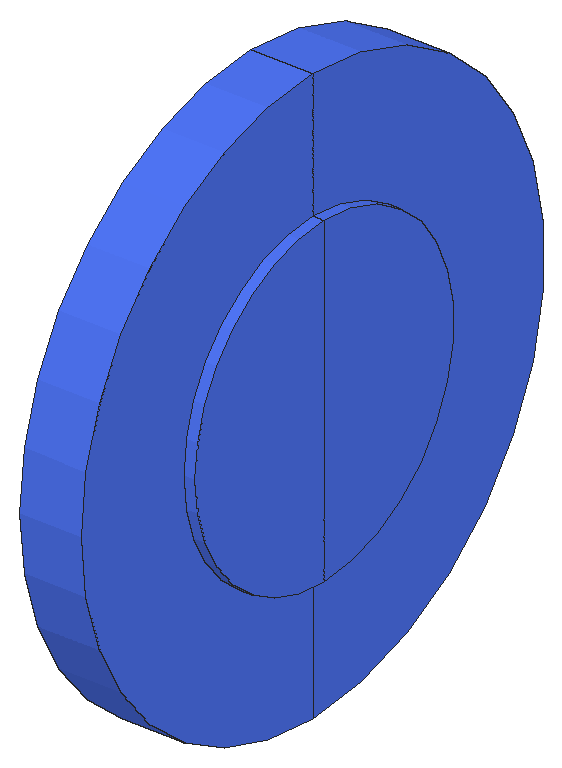
Revit family "712-3810-001-DN40-1200", category Pipe Accessories, Revit 2019
Family settings
  Round Connector Dimension = Use Diameter
  Part Type = Valve - Breaks Into
  Work Plane-Based = No
  Always vertical = Yes
  Cut with Voids When Loaded = No
  Shared = No
Parameters (values of type "DN0040_PN10/16")
  Search_Table = "712-3810-001-DN40-1200"
  Rib = [ID(Radius)] / 2  # 10 mm
  Rf_Dia = size_lookup(Search_Table, "Rf_Dia", 0 mm, [Nominal Diameter (DN)]) / 2  # 42 mm
  RF_Thick = size_lookup(Search_Table, "Rf_Thickness", 0 mm, [Nominal Diameter (DN)])  # 3 mm
  ID(Radius) = [Nominal Diameter (DN)] / 2  # 20 mm
  L = size_lookup(Search_Table, "Flange_thickness", 0 mm, [Nominal Diameter (DN)])  # 19 mm
  Nominal Diameter (DN) = 40 mm
  D = size_lookup(Search_Table, "FOD", 0 mm, [Nominal Diameter (DN)]) / 2  # 75 mm
  URL product pages = "https://www.avkvalves.com/P.aspx?no=712004038101"
  Description_ = "AVK BLIND FLANGE"
  DN600_PN16 = "712-0600-38-101"
  DN600_PN10 = "712-0600-38-100"
  DN500_PN16 = "712-0500-38-101"
  DN500_PN10 = "712-0500-38-100"
  DN450_PN16 = "712-0450-38-101"
  DN450_PN10 = "712-0450-38-100"
  DN400_PN16 = "712-0400-38-101"
  DN400_PN10 = "712-0400-38-100"
  DN350_PN16 = "712-0350-38-101"
  DN350_PN10 = "712-0350-38-100"
  DN300_PN16 = "712-0300-38-101"
  DN300_PN10 = "712-0250-38-101"
  DN250_PN16 = "712-0250-38-101"
  DN250_PN10 = "712-0250-38-100"
  DN200_PN16 = "712-0200-38-101"
  DN200_PN10 = "712-0200-38-100"
  DN150_PN10/16 = "712-0150-38-101"
  DN125_PN10/16 = "712-0125-38-101"
  DN1200_PN10 = "712-1200-38-100"
  DN100_PN10/16 = "712-0100-38-101"
  DN080_PN10/16 = "712-0080-38-101"
  DN065_PN10/16 = "712-0065-38-101"
  DN060_PN10/16 = "712-0060-38-103"
  DN060_ PN10/16 = "712-0060-38-101"
  DN060/065_PN10/16 = "712-0070-38-101"
  DN050_PN10/16 = "712-0050-38-101"
  DN040_PN10/16 = "712-0040-38-101"
  Body_wallthickness = 10 mm  # constant formula
Types (28, lengths in mm): name | Rib | Rf_Dia | RF_Thick | ID(Radius) | L | Nominal Diameter (DN) | D
  (no name) | 10 | 42 | 3 | 20 | 19 | 40 | 75
  DN0300_PN16 | 75.025 | 185 | 4 | 150.05 | 25 | 300.1 | 227.5
  DN0350_PN10 | 87.5 | 214.5 | 4 | 175 | 25 | 350 | 252.5
  DN0350_PN16 | 87.525 | 214.5 | 4 | 175.05 | 27 | 350.1 | 260
  DN0400_PN10 | 100 | 240 | 4 | 200 | 25 | 400 | 282.5
  DN0400_PN16 | 100.025 | 240 | 4 | 200.05 | 28 | 400.1 | 290
  DN0450_PN10 | 112.5 | 265 | 4 | 225 | 26 | 450 | 307.5
  DN0450_PN16 | 112.525 | 274 | 4 | 225.05 | 30 | 450.1 | 320
  DN0500_PN10 | 125 | 291 | 4 | 250 | 27 | 500 | 335
  DN0500_PN16 | 125.025 | 304.5 | 4 | 250.05 | 32 | 500.1 | 357.5
  DN0600_PN10 | 150 | 341 | 5 | 300 | 30 | 600 | 390
  DN0600_PN16 | 150.025 | 360 | 5 | 300.05 | 36 | 600.1 | 420
  DN1200_PN10 | 300 | 664 | 5 | 600 | 45 | 1200 | 727.5
  DN0300_PN10 | 75 | 185 | 4 | 150 | 25 | 300 | 227.5
  DN0250_PN10 | 62.5 | 159.5 | 4 | 125 | 22 | 250 | 200
  DN0250_PN16 | 62.525 | 159.5 | 4 | 125.05 | 22 | 250.1 | 200
  DN0200_PN10 | 50 | 133 | 4 | 100 | 20 | 200 | 170
  DN0200_PN16 | 50.025 | 133 | 4 | 100.05 | 20 | 200.1 | 170
  DN0150_PN10/16 | 37.5 | 105.5 | 4 | 75 | 19 | 150 | 142.5
  DN0125_PN10/16 | 31.25 | 92 | 3 | 62.5 | 19 | 125 | 125
  DN0100_PN10/16 | 25 | 78 | 3 | 50 | 19 | 100 | 110
  DN0080_PN10/16 | 20 | 66 | 3 | 40 | 19 | 80 | 100
  DN0060/0065_PN10/16 | 16.275 | 59 | 3 | 32.55 | 19 | 65.1 | 92.5
  DN0065_PN10/16 | 16.25 | 59 | 3 | 32.5 | 19 | 65 | 92.5
  DN0060_PN10/16 | 15.025 | 54 | 3 | 30.05 | 19 | 60.1 | 87.5
  DN0060_ PN10/16 | 15 | 54 | 3 | 30 | 19 | 60 | 87.5
  DN0050_PN10/16 | 12.5 | 49.5 | 3 | 25 | 19 | 50 | 82.5
  DN0040_PN10/16 | 10 | 42 | 3 | 20 | 19 | 40 | 75
Reference planes
  plane 1 "Center (Front/Back)": y = 0
  plane 2: z = 0
  plane 3 "Center (Left/Right)": x = 0
  plane 4: y = -5
  plane 5: y = 5
  plane 6: z = 75
  plane 7: z = -75
Forms (mm)
  Revolve 1, solid, material "Plastic"
    sketch origin (0, 0, 0) x (1, 0, 0) y (0, 0, 1)
      loop
        line (-9.5, 75) -> (-9.5, 0) -> (9.5, 0) -> (9.5, 75) -> (-9.5, 75)
      axis (-9.5, 0) -> (9.5, 0)
    angle from 0 to 360
  Revolve 2, void
    sketch origin (0, 0, 0) x (1, 0, 0) y (0, 0, 1)
      loop
        line (9.5, 75) -> (6.5, 75) -> (6.5, 42) -> (9.5, 42) -> (9.5, 75)
      axis (6.5, 0) -> (9.5, 0)
    angle from 0 to 360
Cuts and joins
  Revolve 2 cuts Revolve 1
Dimensions and locks
  equal spacing: plane 5, plane 1 "Center (Front/Back)", plane 4
  locked: plane 5 to plane 4 at 10
  equal spacing: Revolve 1 sketch curve, plane 3 "Center (Left/Right)", Revolve 1 sketch curve
  "L": Revolve 1 sketch curve to Revolve 1 sketch curve
  "D": Revolve 1 sketch curve to level
  "D": Revolve 2 sketch curve to level
  "Rf_Dia": Revolve 2 sketch curve to level
  "RF_Thick": Revolve 2 sketch curve to Revolve 1
  cut or joined group of Revolve 1, Revolve 2 to cut or joined group of Revolve 1, Revolve 2 = 19 mm
  equal spacing: plane 6, level, plane 7
  "D": plane 6 to level
  plane 6 to plane 7 = 150 mm
  aligned and locked: level to plane 2
  aligned and locked: Revolve 2 sketch curve to Revolve 1
  aligned and locked: Revolve 2 sketch curve to plane 2
  aligned and locked: Revolve 1 sketch curve to level
Automatic sketch dimensions
  Revolve 1 sketch curve to level = 0 mm
  Revolve 1 sketch curve to plane 3 "Center (Left/Right)" = 4.5 mm
  Revolve 1 sketch curve to Revolve 1 sketch curve = 4 mm
  Revolve 2 sketch curve to plane 3 "Center (Left/Right)" = 3.5 mm
  plane 3 "Center (Left/Right)" to Revolve 2 sketch curve = 6.5 mm
Nested families
  nested 1: "LOGO - Copy - Copy - Copy - Copy" at (-9.5, 0, -20) x (0, -1, 0) z (-1, 0, 0), type "LOGO - Copy - Copy - Copy - Copy"
Connectors
  piping at (9.5, 0, 0), diameter 40, driven by "Nominal Diameter (DN)"
    settings: on Revolve 1, index 1, connector inside diameter 609.6 mm, connector length 0 mm, flow factor 0, pipe flow 0.0 L/s, pressure drop 0.0 Pa, fitting loss kfactor 0, connector angle 0.00°, fixture units 0, engagement length 0 mm, angle of deflection 0.00°, flow configuration 0, flow direction 0, fitting loss method 0, system type 7, joint type 0, gender type 0, connector reference index -1, connector utility 0, adjustable connector no, is connector primary yes, connector description ""
  piping at (-9.5, 0, 0), diameter 40, driven by "Nominal Diameter (DN)"
    settings: on Revolve 1, index 2, connector inside diameter 609.6 mm, connector length 0 mm, flow factor 0, pipe flow 0.0 L/s, pressure drop 0.0 Pa, fitting loss kfactor 0, connector angle 0.00°, fixture units 0, engagement length 0 mm, angle of deflection 0.00°, flow configuration 0, flow direction 0, fitting loss method 0, system type 7, joint type 0, gender type 0, connector reference index -1, connector utility 0, adjustable connector no, is connector primary no, connector description ""
Definition of nested family "LOGO - Copy - Copy - Copy - Copy"
  Parameters (values of type "LOGO - Copy - Copy - Copy - Copy")
    Default Elevation = 1219.2 mm
  Reference planes
    plane 1 "Center (Front/Back)": y = 0
    plane 2: z = 0
    plane 3 "Center (Left/Right)": x = 0
  Forms (mm)
    Extrusion 1, solid
      sketch origin (0, 0, 0) x (1, 0, 0) y (0, 1, 0)
        loop
          line (-1219.2, 1219.2) -> (-1219.2, -1219.2) -> (1219.2, -1219.2) -> (1219.2, 1219.2) -> (-1219.2, 1219.2)
      from 0 to -304.8
    Extrusion 2, solid
      sketch origin (0, 0, 0) x (1, 0, 0) y (0, 1, 0)
        loop
          line (-6.514, 34.224) -> (-24, 34.224) -> (-24, 29.481) -> (-9.766, 29.481) -> (-2.391, 11.367) -> (2.391, 11.367) -> (9.766, 29.481) -> (24, 29.481) -> (24, 34.224) -> (6.514, 34.224) -> (0, 18.224) -> (-6.514, 34.224)
        loop
          line (-10.996, 27.653) -> (-24, 27.653) -> (-24, 23.081) -> (-19.503, 23.081) -> (-24, 11.367) -> (-18.92, 11.367) -> (-17.955, 13.881) -> (-10.51, 13.881) -> (-9.486, 11.367) -> (-4.365, 11.367) -> (-10.996, 27.653)
        loop
          line (-16.777, 18.224) -> (-12.278, 18.224) -> (-14.594, 23.912) -> (-16.777, 18.224)
        loop
          line (4.365, 11.367) -> (9.486, 11.367) -> (12.093, 17.77) -> (16.918, 11.367) -> (22.857, 11.367) -> (17.399, 18.61)
          arc (17.399, 18.61) -> (20.583, 20.18) -> (22.629, 23.081) r 7.2
          line (22.629, 23.081) -> (24, 23.081) -> (24, 27.653) -> (19.429, 27.653)
          arc (19.429, 27.653) -> (17.763, 23.526) -> (13.699, 21.714) r 5.943
          line (13.699, 21.714) -> (16.117, 27.653) -> (10.996, 27.653) -> (4.365, 11.367)
      from 0 to 1
  Dimensions and locks
    aligned and locked: plane 2 to Extrusion 1
    aligned and locked: level to Extrusion 1
    aligned and locked: Extrusion 2 sketch curve to import instance
